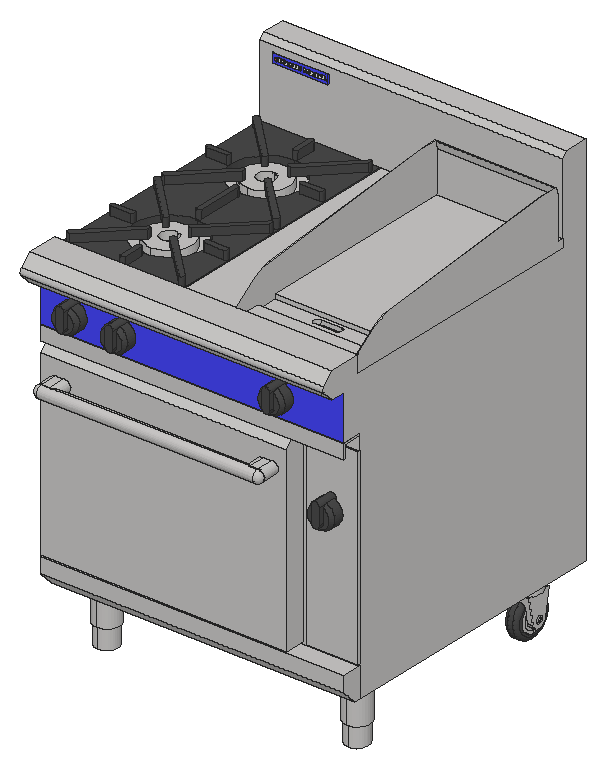
Revit family "QF_MOFFAT_BLUESEAL_CE_G54C", category Specialty Equipment, Revit 2012 (continued)
Automatic sketch dimensions
  curve 16 to curve 10 = 18 mm
  curve 8 to curve 9 = 8 mm
  curve 12 to curve 12 = 8 mm
  curve 10 to curve 11 = 8 mm
  plane 9 to curve 128 = 3.719 mm
  plane 9 to curve 140 = 7.73 mm
  plane 9 to curve 6 = 30 mm
  Extrusion 1 sketch curve to plane 10 "Base Height" = 0 mm
  Extrusion 1 sketch curve to plane 16 = 0 mm
  Extrusion 1 sketch curve to plane 1 "BACK" = 0 mm
  plane 9 to Extrusion 1 sketch curve = 42.5 mm
  Extrusion 1 sketch curve to Extrusion 1 sketch curve = 12.5 mm
  Extrusion 1 sketch curve to plane 5 "FRONT" = 107 mm
  Extrusion 1 sketch curve to plane 5 "FRONT" = 113 mm
  Extrusion 1 sketch curve to Extrusion 1 sketch curve = 50 mm
  Extrusion 1 sketch curve to plane 5 "FRONT" = 28.03 mm
  Extrusion 1 sketch curve to plane 5 "FRONT" = 27.03 mm
  Extrusion 1 sketch curve to plane 5 "FRONT" = 12.032 mm
  Extrusion 1 sketch curve to plane 5 "FRONT" = 3.531 mm  (x2)
  Extrusion 1 sketch curve to Extrusion 1 sketch curve = 135 mm
  Extrusion 1 sketch curve to Extrusion 1 sketch curve = 25 mm
  Extrusion 1 sketch curve to Extrusion 1 sketch curve = 23.499 mm
  Extrusion 1 sketch curve to Extrusion 1 sketch curve = 8.501 mm
  Extrusion 1 sketch curve to plane 16 = 12.5 mm
  plane 12 to Extrusion 2 sketch curve = 0.062 mm
  plane 1 "BACK" to Extrusion 2 sketch curve = 32 mm
  Revolve 3 sketch curve to plane 10 "Base Height" = 0 mm
  Revolve 3 sketch curve to level = 0 mm
  level to Revolve 3 sketch curve = 50 mm
  Revolve 3 sketch curve to plane 5 "FRONT" = 155.25 mm
  Revolve 3 sketch curve to Revolve 3 sketch curve = 4.25 mm
  Revolve 3 sketch curve to Revolve 3 sketch curve = 27.5 mm  (x2)
  Revolve 3 sketch curve to Revolve 3 sketch curve = 55 mm
  Revolve 3 sketch curve to Revolve 3 sketch curve = 0 mm
  plane 9 to Extrusion 4 sketch curve = 29 mm
  Extrusion 4 sketch curve to Extrusion 4 sketch curve = 3 mm  (x3)
  Extrusion 4 sketch curve to plane 9 = 137.5 mm
  Extrusion 4 sketch curve to plane 14 = 37.768 mm
  Extrusion 4 sketch curve to plane 5 "FRONT" = 110 mm  (x2)
  Extrusion 4 sketch curve to plane 11 = 84.2 mm  (x2)
  Extrusion 4 sketch curve to plane 7 "Center Y" = 78 mm
  Extrusion 5 sketch curve to Extrusion 4 = 19.102 mm  (x2)
  Extrusion 5 sketch curve to Extrusion 5 sketch curve = 4.525 mm  (x16)
  Extrusion 5 sketch curve to Extrusion 4 = 27.593 mm
  Extrusion 5 sketch curve to Extrusion 5 sketch curve = 48.456 mm  (x4)
  Extrusion 5 sketch curve to Extrusion 5 sketch curve = 50.976 mm
  Extrusion 5 sketch curve to Extrusion 5 sketch curve = 0 mm  (x4)
  Extrusion 5 sketch curve to Extrusion 4 = 9.156 mm  (x2)
  Extrusion 5 sketch curve to Extrusion 5 sketch curve = 27.39 mm  (x2)
  Extrusion 5 sketch curve to Extrusion 5 sketch curve = 6.4 mm  (x7)
  Extrusion 5 sketch curve to Extrusion 5 sketch curve = 20.658 mm  (x2)
  Extrusion 5 sketch curve to Extrusion 5 sketch curve = 55.923 mm
  Extrusion 5 sketch curve to Extrusion 4 = 5.102 mm  (x3)
  Extrusion 5 sketch curve to Extrusion 5 sketch curve = 128.581 mm  (x2)
  Extrusion 5 sketch curve to Extrusion 4 = 6.102 mm  (x2)
  Extrusion 5 sketch curve to Extrusion 4 = 14.153 mm
  Extrusion 5 sketch curve to Extrusion 5 sketch curve = 12.205 mm  (x2)
  Extrusion 5 sketch curve to Extrusion 4 = 15.153 mm  (x2)
  Extrusion 5 sketch curve to Extrusion 5 sketch curve = 112.454 mm
  Extrusion 5 sketch curve to Extrusion 5 sketch curve = 59.673 mm
  Extrusion 5 sketch curve to Extrusion 5 sketch curve = 17.024 mm  (x2)
  Extrusion 5 sketch curve to Extrusion 4 = 9.908 mm  (x2)
  Extrusion 5 sketch curve to Extrusion 5 sketch curve = 46.847 mm  (x2)
  Extrusion 5 sketch curve to Extrusion 5 sketch curve = 62.169 mm
  Extrusion 5 sketch curve to Extrusion 4 = 36.153 mm  (x2)
  Extrusion 5 sketch curve to Extrusion 4 = 23.4 mm
  Extrusion 5 sketch curve to Extrusion 5 sketch curve = 55.413 mm  (x2)
  Extrusion 5 sketch curve to Extrusion 5 sketch curve = 20.524 mm  (x3)
  Extrusion 5 sketch curve to Extrusion 5 sketch curve = 53.847 mm  (x4)
  Extrusion 5 sketch curve to Extrusion 4 = 58.364 mm
  Revolve 6 sketch curve to plane 10 "Base Height" = 0 mm
  Revolve 6 sketch curve to level = 0 mm
  level to Revolve 6 sketch curve = 50 mm
  Revolve 6 sketch curve to plane 5 "FRONT" = 155.25 mm
  Revolve 6 sketch curve to Revolve 6 sketch curve = 4.25 mm
  Revolve 6 sketch curve to Revolve 6 sketch curve = 27.5 mm  (x2)
  Revolve 6 sketch curve to Revolve 6 sketch curve = 0 mm
  Revolve 6 sketch curve to Revolve 6 sketch curve = 55 mm
  Extrusion 1 to Extrusion 7 sketch curve = 0 mm
  Extrusion 7 sketch curve to Extrusion 1 = 1 mm
  Extrusion 1 to Extrusion 7 sketch curve = 300 mm
  Extrusion 7 sketch curve to Extrusion 7 sketch curve = 150 mm
  plane 12 to Extrusion 8 sketch curve = 5 mm
  Extrusion 8 sketch curve to plane 6 "TOP" = 277.5 mm
  Extrusion 8 sketch curve to plane 12 = 10 mm
  plane 10 "Base Height" to Extrusion 8 sketch curve = 77.5 mm
  Split face 1 sketch curve to Extrusion 7 = 45.037 mm
  Split face 1 sketch curve to Extrusion 7 = 27.576 mm
  Split face 2 sketch curve to Extrusion 7 = 45.037 mm
  Split face 2 sketch curve to Extrusion 7 = 75 mm
  Split face 3 sketch curve to Extrusion 7 = 45.037 mm
  Split face 3 sketch curve to Extrusion 7 = 27.576 mm
  Split face 4 sketch curve to Extrusion 7 = 27.576 mm
  Split face 4 sketch curve to Extrusion 7 = 79.037 mm
  Split face 5 sketch curve to Extrusion 7 = 79.037 mm
  Split face 5 sketch curve to Extrusion 7 = 75 mm
  Split face 6 sketch curve to Extrusion 7 = 27.576 mm
  Split face 6 sketch curve to Extrusion 7 = 79.037 mm
  Split face 7 sketch curve to Extrusion 7 = 27.576 mm
  Split face 7 sketch curve to Extrusion 7 = 113.037 mm
  Split face 8 sketch curve to Extrusion 7 = 113.037 mm
  Split face 8 sketch curve to Extrusion 7 = 75 mm
  Split face 9 sketch curve to Extrusion 7 = 27.576 mm
  Split face 9 sketch curve to Extrusion 7 = 113.037 mm
  Split face 10 sketch curve to Extrusion 7 = 27.576 mm
  Split face 10 sketch curve to Extrusion 7 = 147.037 mm
  Split face 11 sketch curve to Extrusion 7 = 147.037 mm
  Split face 11 sketch curve to Extrusion 7 = 75 mm
  Split face 12 sketch curve to Extrusion 7 = 27.576 mm
  Split face 12 sketch curve to Extrusion 7 = 147.037 mm
  Split face 13 sketch curve to Extrusion 7 = 27.576 mm
  Split face 13 sketch curve to Extrusion 7 = 181.037 mm
  Split face 14 sketch curve to Extrusion 7 = 75 mm
  Split face 14 sketch curve to Extrusion 7 = 181.037 mm
  Split face 15 sketch curve to Extrusion 7 = 27.576 mm
  Split face 15 sketch curve to Extrusion 7 = 181.037 mm
  Split face 16 sketch curve to Extrusion 7 = 27.576 mm
  Split face 16 sketch curve to Extrusion 7 = 215.037 mm
  Split face 17 sketch curve to Extrusion 7 = 75 mm
  Split face 17 sketch curve to Extrusion 7 = 215.037 mm
  Split face 18 sketch curve to Extrusion 7 = 27.576 mm
  Split face 18 sketch curve to Extrusion 7 = 215.037 mm
  Split face 19 sketch curve to Extrusion 7 = 27.576 mm
  Split face 19 sketch curve to Extrusion 7 = 249.037 mm
  Split face 20 sketch curve to Extrusion 7 = 75 mm
  Split face 20 sketch curve to Extrusion 7 = 249.037 mm
  Split face 21 sketch curve to Extrusion 7 = 27.576 mm
  Split face 21 sketch curve to Extrusion 7 = 249.037 mm
  Split face 22 sketch curve to Extrusion 7 = 27.576 mm
  Split face 22 sketch curve to Extrusion 7 = 283.037 mm
  Split face 23 sketch curve to Extrusion 7 = 75 mm
  Split face 23 sketch curve to Extrusion 7 = 283.037 mm
  Split face 24 sketch curve to Extrusion 7 = 27.576 mm
  Split face 24 sketch curve to Extrusion 7 = 283.037 mm
  Split face 25 sketch curve to Extrusion 7 = 27.576 mm
  Split face 25 sketch curve to Extrusion 7 = 316.963 mm
  Split face 26 sketch curve to Extrusion 7 = 75 mm
  Split face 26 sketch curve to Extrusion 7 = 316.963 mm
  Split face 27 sketch curve to Extrusion 7 = 27.576 mm
  Split face 27 sketch curve to Extrusion 7 = 316.963 mm
  Split face 28 sketch curve to Extrusion 7 = 27.576 mm
  Split face 28 sketch curve to Extrusion 7 = 282.963 mm
  Split face 29 sketch curve to Extrusion 7 = 75 mm
  Split face 29 sketch curve to Extrusion 7 = 282.963 mm
  Split face 30 sketch curve to Extrusion 7 = 27.576 mm
  Split face 30 sketch curve to Extrusion 7 = 282.963 mm
  Split face 31 sketch curve to Extrusion 7 = 27.576 mm
  Split face 31 sketch curve to Extrusion 7 = 248.963 mm
  Split face 32 sketch curve to Extrusion 7 = 75 mm
  Split face 32 sketch curve to Extrusion 7 = 248.963 mm
  Split face 33 sketch curve to Extrusion 7 = 27.576 mm
  Split face 33 sketch curve to Extrusion 7 = 248.963 mm
  Split face 34 sketch curve to Extrusion 7 = 27.576 mm
  Split face 34 sketch curve to Extrusion 7 = 214.963 mm
  Split face 35 sketch curve to Extrusion 7 = 75 mm
  Split face 35 sketch curve to Extrusion 7 = 214.963 mm
  Split face 36 sketch curve to Extrusion 7 = 27.576 mm
  Split face 36 sketch curve to Extrusion 7 = 214.963 mm
  Split face 37 sketch curve to Extrusion 7 = 27.576 mm
  Split face 37 sketch curve to Extrusion 7 = 180.963 mm
  Split face 38 sketch curve to Extrusion 7 = 75 mm
  Split face 38 sketch curve to Extrusion 7 = 180.963 mm
  Split face 39 sketch curve to Extrusion 7 = 27.576 mm
  Split face 39 sketch curve to Extrusion 7 = 180.963 mm
  Split face 40 sketch curve to Extrusion 7 = 27.576 mm
  Split face 40 sketch curve to Extrusion 7 = 146.963 mm
  Split face 41 sketch curve to Extrusion 7 = 146.963 mm
  Split face 41 sketch curve to Extrusion 7 = 75 mm
  Split face 42 sketch curve to Extrusion 7 = 27.576 mm
  Split face 42 sketch curve to Extrusion 7 = 146.963 mm
  Split face 43 sketch curve to Extrusion 7 = 27.576 mm
  Split face 43 sketch curve to Extrusion 7 = 112.963 mm
  Split face 44 sketch curve to Extrusion 7 = 112.963 mm
  Split face 44 sketch curve to Extrusion 7 = 75 mm
  Split face 45 sketch curve to Extrusion 7 = 27.576 mm
  Split face 45 sketch curve to Extrusion 7 = 112.963 mm
  Split face 46 sketch curve to Extrusion 7 = 27.576 mm
  Split face 46 sketch curve to Extrusion 7 = 78.963 mm
  Split face 47 sketch curve to Extrusion 7 = 78.963 mm
  Split face 47 sketch curve to Extrusion 7 = 75 mm
  Split face 48 sketch curve to Extrusion 7 = 27.576 mm
  Split face 48 sketch curve to Extrusion 7 = 78.963 mm
  Split face 49 sketch curve to Extrusion 7 = 44.963 mm
  Split face 49 sketch curve to Extrusion 7 = 27.576 mm
  Split face 50 sketch curve to Extrusion 7 = 44.963 mm
  Split face 50 sketch curve to Extrusion 7 = 75 mm
  Split face 51 sketch curve to Extrusion 7 = 44.963 mm
  Split face 51 sketch curve to Extrusion 7 = 27.576 mm
  Revolve 9 sketch curve to plane 5 "FRONT" = 63 mm
  Revolve 9 sketch curve to Revolve 9 sketch curve = 10 mm
  Revolve 9 sketch curve to Revolve 9 sketch curve = 21.3 mm
  Revolve 9 sketch curve to Revolve 9 sketch curve = 23 mm
  Revolve 9 sketch curve to Revolve 9 sketch curve = 12.7 mm
  Revolve 9 sketch curve to Revolve 9 sketch curve = 0 mm  (x2)
  Revolve 9 sketch curve to plane 6 "TOP" = 174 mm
  Revolve 9 sketch curve to Revolve 9 sketch curve = 5 mm
  Revolve 9 sketch curve to Revolve 9 sketch curve = 26.651 mm
  Revolve 9 sketch curve to Revolve 9 sketch curve = 5.849 mm
  Revolve 10 sketch curve to plane 5 "FRONT" = 19 mm
  Revolve 10 sketch curve to Revolve 10 sketch curve = 0 mm  (x2)
  Revolve 10 sketch curve to Revolve 10 sketch curve = 11 mm
  Revolve 10 sketch curve to Revolve 10 sketch curve = 12.7 mm
  Revolve 10 sketch curve to Revolve 10 sketch curve = 23 mm
  Revolve 10 sketch curve to Revolve 10 sketch curve = 10 mm
  Revolve 10 sketch curve to plane 6 "TOP" = 141.732 mm
  Revolve 10 sketch curve to Revolve 10 sketch curve = 5.849 mm
  Revolve 10 sketch curve to Revolve 10 sketch curve = 27.5 mm
  Revolve 10 sketch curve to Revolve 10 sketch curve = 5 mm
  plane 3 "LEFT" to Extrusion 11 sketch curve = 100 mm
  Extrusion 11 sketch curve to Extrusion 11 sketch curve = 10 mm
  Extrusion 11 sketch curve to plane 6 "TOP" = 147.105 mm
  Extrusion 11 sketch curve to Extrusion 11 sketch curve = 39 mm
  Extrusion 12 sketch curve to plane 7 "Center Y" = 153.818 mm
  Extrusion 12 sketch curve to Extrusion 12 sketch curve = 10 mm
  Extrusion 12 sketch curve to plane 6 "TOP" = 147.105 mm
  Extrusion 12 sketch curve to Extrusion 12 sketch curve = 39 mm
  Revolve 13 sketch curve to plane 5 "FRONT" = 19 mm
  Revolve 13 sketch curve to Revolve 13 sketch curve = 0 mm  (x2)
  Revolve 13 sketch curve to Revolve 13 sketch curve = 11 mm
  Revolve 13 sketch curve to Revolve 13 sketch curve = 12.7 mm
  Revolve 13 sketch curve to Revolve 13 sketch curve = 23 mm
  Revolve 13 sketch curve to Revolve 13 sketch curve = 10 mm
  Revolve 13 sketch curve to plane 6 "TOP" = 174.232 mm
  Revolve 13 sketch curve to Revolve 13 sketch curve = 5 mm
  Revolve 13 sketch curve to Revolve 13 sketch curve = 26.651 mm
  Revolve 13 sketch curve to Revolve 13 sketch curve = 5.849 mm
  plane 15 to Extrusion 14 sketch curve = 86.001 mm
  Extrusion 14 sketch curve to Extrusion 14 sketch curve = 10 mm
  Extrusion 14 sketch curve to plane 6 "TOP" = 186.105 mm
  Extrusion 14 sketch curve to Extrusion 14 sketch curve = 39 mm
  Revolve 15 sketch curve to plane 5 "FRONT" = 63.5 mm
  Revolve 15 sketch curve to Revolve 15 sketch curve = 0 mm  (x2)
  Revolve 15 sketch curve to Revolve 15 sketch curve = 11 mm
  Revolve 15 sketch curve to Revolve 15 sketch curve = 12.7 mm
  Revolve 15 sketch curve to Revolve 15 sketch curve = 23 mm
  Revolve 15 sketch curve to Revolve 15 sketch curve = 10 mm
  plane 10 "Base Height" to Revolve 15 sketch curve = 402.134 mm
  Revolve 15 sketch curve to Revolve 15 sketch curve = 5 mm
  Revolve 15 sketch curve to Revolve 15 sketch curve = 26.651 mm
  Revolve 15 sketch curve to Revolve 15 sketch curve = 5.849 mm
  Extrusion 16 sketch curve to plane 15 = 1.529 mm
  Extrusion 16 sketch curve to plane 13 = 2.529 mm
  plane 10 "Base Height" to Extrusion 16 sketch curve = 390.261 mm
  Extrusion 16 sketch curve to Extrusion 16 sketch curve = 39 mm
  Extrusion 17 sketch curve to plane 5 "FRONT" = 63 mm
  plane 10 "Base Height" to Extrusion 17 sketch curve = 77.5 mm
  plane 5 "FRONT" to Extrusion 17 sketch curve = 399.516 mm
  plane 13 to Extrusion 18 sketch curve = 4 mm
  Extrusion 18 sketch curve to plane 12 = 20 mm
  Extrusion 18 sketch curve to plane 12 = 68.5 mm
  Extrusion 18 sketch curve to plane 1 "BACK" = 30.24 mm
  plane 1 "BACK" to Extrusion 18 sketch curve = 38.76 mm
  plane 9 to Extrusion 18 sketch curve = 12.74 mm
  plane 4 "RIGHT" to Extrusion 19 sketch curve = 0 mm
  Extrusion 19 sketch curve to plane 6 "TOP" = 270 mm
  plane 12 to Extrusion 19 sketch curve = 5 mm
  plane 10 "Base Height" to Extrusion 19 sketch curve = 77.5 mm
  Extrusion 20 sketch curve to Extrusion 20 sketch curve = 0 mm  (x4)
  Extrusion 1 to Extrusion 20 sketch curve = 167.5 mm
  Extrusion 20 sketch curve to Extrusion 1 = 167.5 mm
  Extrusion 1 to Extrusion 20 sketch curve = 150 mm  (x2)
  plane 3 "LEFT" to Extrusion 21 sketch curve = 58.528 mm
  Extrusion 21 sketch curve to plane 6 "TOP" = 361.875 mm  (x2)
  Extrusion 21 sketch curve to plane 12 = 67.243 mm
  Extrusion 21 sketch curve to Extrusion 21 sketch curve = 15 mm  (x2)
  Extrusion 21 sketch curve to Extrusion 21 sketch curve = 20.282 mm  (x2)
  Revolve 22 sketch curve to plane 3 "LEFT" = 6.961 mm
  plane 3 "LEFT" to Revolve 22 sketch curve = 23.246 mm
  Revolve 22 sketch curve to Revolve 22 sketch curve = 15 mm
  Revolve 22 sketch curve to plane 12 = 46.961 mm
  Revolve 22 sketch curve to Revolve 22 sketch curve = 0 mm  (x2)
  Revolve 22 sketch curve to plane 6 "TOP" = 346.875 mm
  Extrusion 23 sketch curve to plane 5 "FRONT" = 63 mm
  Extrusion 23 sketch curve to Extrusion 23 sketch curve = 24 mm  (x2)
  Extrusion 23 sketch curve to Extrusion 23 sketch curve = 50 mm
  plane 10 "Base Height" to Extrusion 23 sketch curve = 77.5 mm
  Extrusion 24 sketch curve to plane 5 "FRONT" = 63 mm
  Extrusion 24 sketch curve to Extrusion 24 sketch curve = 3.02 mm
  Extrusion 24 sketch curve to Extrusion 24 sketch curve = 44.98 mm
  Extrusion 24 sketch curve to plane 6 "TOP" = 267 mm
  Extrusion 24 sketch curve to Extrusion 24 sketch curve = 32 mm
  Extrusion 24 sketch curve to Extrusion 24 sketch curve = 3 mm
  Extrusion 25 sketch curve to plane 10 "Base Height" = 0 mm
  Extrusion 25 sketch curve to plane 5 "FRONT" = 63 mm
  Split face 52 sketch curve to cut or joined group of Extrusion 1, Extrusion 8, Extrusion 18, Extrusion 19 = 27.115 mm
  Split face 52 sketch curve to cut or joined group of Extrusion 1, Extrusion 8, Extrusion 18, Extrusion 19 = 273.455 mm
  Split face 52 sketch curve to cut or joined group of Extrusion 1, Extrusion 8, Extrusion 18, Extrusion 19 = 23.385 mm
  Split face 52 sketch curve to Split face 52 sketch curve = 4.041 mm  (x4)
  Split face 52 sketch curve to Split face 52 sketch curve = 8.66 mm  (x2)
  Split face 52 sketch curve to cut or joined group of Extrusion 1, Extrusion 8, Extrusion 18, Extrusion 19 = 22.115 mm
  Split face 52 sketch curve to cut or joined group of Extrusion 1, Extrusion 8, Extrusion 18, Extrusion 19 = 36.836 mm
  Split face 52 sketch curve to Split face 52 sketch curve = 17 mm
  Split face 52 sketch curve to Split face 52 sketch curve = 7 mm  (x2)
  Split face 53 sketch curve to cut or joined group of Extrusion 1, Extrusion 8, Extrusion 18, Extrusion 19 = 26.545 mm
  Split face 53 sketch curve to Split face 53 sketch curve = 4.041 mm  (x4)
  Split face 53 sketch curve to Split face 53 sketch curve = 8.66 mm  (x2)
  Split face 53 sketch curve to cut or joined group of Extrusion 1, Extrusion 8, Extrusion 18, Extrusion 19 = 22.115 mm
  Split face 53 sketch curve to Split face 53 sketch curve = 223.917 mm
  Split face 53 sketch curve to cut or joined group of Extrusion 1, Extrusion 8, Extrusion 18, Extrusion 19 = 17.115 mm
  Split face 53 sketch curve to Split face 53 sketch curve = 10 mm
  Split face 53 sketch curve to Split face 53 sketch curve = 7 mm  (x3)
  Extrusion 27 sketch curve to plane 9 = 0 mm
  Extrusion 27 sketch curve to plane 9 = 19.393 mm
  Extrusion 27 sketch curve to plane 9 = 31.75 mm
  plane 9 to Extrusion 27 sketch curve = 19.393 mm
  plane 9 to Extrusion 27 sketch curve = 31.75 mm
  level to Extrusion 27 sketch curve = 45.111 mm
  Extrusion 27 sketch curve to Extrusion 27 sketch curve = 4.889 mm
  Extrusion 27 sketch curve to plane 10 "Base Height" = 40 mm
  Revolve 28 sketch curve to plane 10 "Base Height" = 0 mm
  Revolve 28 sketch curve to plane 9 = 0 mm  (x2)
  Revolve 28 sketch curve to Revolve 28 sketch curve = 35.75 mm
  Revolve 28 sketch curve to plane 10 "Base Height" = 40 mm
  level to Revolve 28 sketch curve = 50 mm
  Revolve 28 sketch curve to level = 55 mm
  Revolve 29 sketch curve to plane 10 "Base Height" = 0 mm
  Revolve 29 sketch curve to plane 9 = 0 mm  (x2)
  Revolve 29 sketch curve to plane 9 = 35.75 mm
  Revolve 29 sketch curve to plane 10 "Base Height" = 40 mm
  level to Revolve 29 sketch curve = 50 mm
  Revolve 29 sketch curve to level = 55 mm
  plane 15 to Revolve 30 sketch curve = 25.382 mm
  Revolve 30 sketch curve to Revolve 30 sketch curve = 1.27 mm  (x4)
  Revolve 30 sketch curve to Revolve 30 sketch curve = 1.524 mm  (x2)
  plane 15 to Revolve 30 sketch curve = 10.442 mm
  plane 15 to Revolve 30 sketch curve = 7.68 mm
  Revolve 30 sketch curve to Revolve 30 sketch curve = 0.794 mm  (x2)
  Revolve 30 sketch curve to Revolve 30 sketch curve = 3.57 mm
  Revolve 30 sketch curve to Revolve 30 sketch curve = 2.143 mm
  Revolve 30 sketch curve to plane 15 = 2.639 mm
  Revolve 30 sketch curve to plane 13 = 5.13 mm
  Revolve 30 sketch curve to plane 13 = 6.339 mm
  Revolve 30 sketch curve to plane 13 = 14.515 mm
  Revolve 30 sketch curve to Revolve 30 sketch curve = 1.349 mm  (x2)
  Revolve 30 sketch curve to Revolve 30 sketch curve = 3.556 mm
  Revolve 30 sketch curve to Revolve 30 sketch curve = 12.146 mm
  Revolve 30 sketch curve to plane 4 "RIGHT" = 2.68 mm
  level to Revolve 30 sketch curve = 50.8 mm
  Revolve 30 sketch curve to Revolve 30 sketch curve = 0 mm
  Revolve 30 sketch curve to Revolve 30 sketch curve = 3.505 mm  (x2)
  Revolve 30 sketch curve to Revolve 30 sketch curve = 3.447 mm  (x2)
  Revolve 30 sketch curve to Revolve 30 sketch curve = 9.964 mm
  Revolve 30 sketch curve to Revolve 30 sketch curve = 10.045 mm
  Revolve 30 sketch curve to Revolve 30 sketch curve = 2.053 mm
  Revolve 30 sketch curve to Revolve 30 sketch curve = 2.061 mm
  Revolve 30 sketch curve to Revolve 30 sketch curve = 8.247 mm
  Revolve 30 sketch curve to Revolve 30 sketch curve = 8.336 mm
  Revolve 30 sketch curve to Revolve 30 sketch curve = 6.35 mm  (x2)
  Extrusion 31 sketch curve to plane 9 = 0 mm
  Extrusion 31 sketch curve to plane 9 = 19.393 mm
  Extrusion 31 sketch curve to plane 9 = 31.75 mm
  plane 9 to Extrusion 31 sketch curve = 19.393 mm
  plane 9 to Extrusion 31 sketch curve = 31.75 mm
  level to Extrusion 31 sketch curve = 45.111 mm
  Extrusion 31 sketch curve to Extrusion 31 sketch curve = 4.889 mm
  Extrusion 31 sketch curve to plane 10 "Base Height" = 40 mm
  Revolve 32 sketch curve to plane 10 "Base Height" = 0 mm
  Revolve 32 sketch curve to level = 0 mm
  Revolve 32 sketch curve to plane 9 = 0 mm  (x2)
  Revolve 32 sketch curve to Revolve 32 sketch curve = 27.5 mm
  Revolve 32 sketch curve to Revolve 32 sketch curve = 31.75 mm
  Revolve 32 sketch curve to level = 55 mm
  Revolve 32 sketch curve to Revolve 32 sketch curve = 50 mm
  Revolve 32 sketch curve to Revolve 32 sketch curve = 0 mm
  Revolve 33 sketch curve to plane 10 "Base Height" = 0 mm
  Revolve 33 sketch curve to level = 0 mm
  Revolve 33 sketch curve to plane 9 = 0 mm  (x2)
  Revolve 33 sketch curve to Revolve 33 sketch curve = 27.5 mm
  Revolve 33 sketch curve to Revolve 33 sketch curve = 31.75 mm
  level to Revolve 33 sketch curve = 50 mm
  Revolve 33 sketch curve to Revolve 33 sketch curve = 0 mm
  Revolve 33 sketch curve to Revolve 33 sketch curve = 55 mm
  plane 3 "LEFT" to Revolve 34 sketch curve = 99.382 mm
  Revolve 34 sketch curve to Revolve 34 sketch curve = 1.27 mm  (x4)
  Revolve 34 sketch curve to Revolve 34 sketch curve = 1.524 mm  (x2)
  Revolve 34 sketch curve to Revolve 34 sketch curve = 12.146 mm  (x2)
  Revolve 34 sketch curve to Revolve 34 sketch curve = 2.762 mm
  Revolve 34 sketch curve to Revolve 34 sketch curve = 0.794 mm  (x2)
  Revolve 34 sketch curve to Revolve 34 sketch curve = 3.57 mm
  Revolve 34 sketch curve to Revolve 34 sketch curve = 2.143 mm
  Revolve 34 sketch curve to Revolve 34 sketch curve = 9.525 mm
  Revolve 34 sketch curve to Revolve 34 sketch curve = 24.572 mm
  Revolve 34 sketch curve to Revolve 34 sketch curve = 12.7 mm
  Revolve 34 sketch curve to Revolve 34 sketch curve = 8.176 mm
  Revolve 34 sketch curve to Revolve 34 sketch curve = 1.349 mm  (x2)
  Revolve 34 sketch curve to Revolve 34 sketch curve = 3.556 mm
  Revolve 34 sketch curve to plane 3 "LEFT" = 2.68 mm
  Revolve 34 sketch curve to plane 10 "Base Height" = 48.4 mm
  Revolve 34 sketch curve to Revolve 34 sketch curve = 6.35 mm  (x4)
  Revolve 34 sketch curve to Revolve 34 sketch curve = 8.247 mm
  Revolve 34 sketch curve to Revolve 34 sketch curve = 8.336 mm
  Revolve 34 sketch curve to Revolve 34 sketch curve = 2.061 mm
  Revolve 34 sketch curve to Revolve 34 sketch curve = 2.053 mm
  Revolve 34 sketch curve to Revolve 34 sketch curve = 10.045 mm
  Revolve 34 sketch curve to Revolve 34 sketch curve = 9.964 mm
  Revolve 34 sketch curve to Revolve 34 sketch curve = 3.447 mm  (x2)
  Revolve 34 sketch curve to Revolve 34 sketch curve = 3.505 mm
  curve 119 to curve 123 = 0 mm
  curve 120 to curve 123 = 0 mm
  curve 133 to curve 135 = 0 mm  (x2)
  curve 135 to curve 137 = 0 mm
  curve 136 to curve 137 = 0 mm
  plane 4 "RIGHT" to curve 155 = 26.545 mm
  curve 155 to curve 156 = 4.041 mm
  curve 155 to curve 153 = 8.66 mm
  curve 155 to curve 156 = 8.66 mm
  plane 1 "BACK" to curve 152 = 45.385 mm
  plane 7 "Center Y" to curve 152 = 111.836 mm
  curve 152 to curve 149 = 4.041 mm
  plane 1 "BACK" to curve 151 = 40.385 mm
  curve 153 to curve 151 = 8.66 mm
  curve 151 to curve 150 = 4.041 mm
  curve 151 to curve 157 = 28.176 mm
  plane 1 "BACK" to curve 144 = 30.385 mm
  curve 144 to plane 7 "Center Y" = 101.545 mm
  plane 1 "BACK" to curve 143 = 23.385 mm
  curve 143 to curve 143 = 4.041 mm
  curve 143 to curve 144 = 8.66 mm
  curve 143 to curve 142 = 8.66 mm
  plane 3 "LEFT" to curve 137 = 150 mm
  plane 14 to curve 119 = 19.5 mm
  plane 3 "LEFT" to curve 119 = 150 mm
  curve 121 to curve 119 = 0 mm
  plane 3 "LEFT" to curve 146 = 36.836 mm
  curve 146 to curve 141 = 4.041 mm
  curve 145 to curve 147 = 8.66 mm
  curve 147 to curve 148 = 4.041 mm
  curve 156 to curve 154 = 22 mm
  plane 1 "BACK" to curve 141 = 18.385 mm
  curve 149 to curve 152 = 17 mm
  curve 150 to curve 152 = 7 mm
  curve 141 to curve 148 = 10 mm
  curve 156 to curve 154 = 7 mm
  curve 148 to curve 146 = 7 mm
  curve 142 to curve 144 = 7 mm
  plane 9 to curve 157 = 30 mm
  curve 133 to plane 9 = 52.5 mm
  curve 133 to curve 135 = 28 mm
  curve 135 to curve 137 = 35 mm
  curve 137 to curve 133 = 22 mm
  curve 121 to curve 119 = 27.732 mm
  curve 123 to plane 14 = 15.5 mm
  curve 123 to curve 120 = 22 mm
  curve 119 to curve 121 = 0.268 mm
  curve 157 to plane 5 "FRONT" = 107 mm
  Extrusion 23 sketch curve to plane 6 "TOP" = 294 mm
  Extrusion 25 sketch curve to Extrusion 25 sketch curve = 36 mm
  Extrusion 25 sketch curve to Extrusion 25 sketch curve = 14 mm
  plane 10 "Base Height" to Extrusion 25 sketch curve = 36 mm
  Extrusion 25 sketch curve to Extrusion 25 sketch curve = 36.5 mm
  radius of Extrusion 2 sketch curve = 13.5 mm
  radius of Extrusion 4 sketch curve = 85 mm  (x2)
  radius of Split face 1 sketch curve = 8 mm
  radius of Split face 2 sketch curve = 8 mm
  radius of Split face 3 sketch curve = 8 mm
  radius of Split face 4 sketch curve = 8 mm
  radius of Split face 5 sketch curve = 8 mm
  radius of Split face 6 sketch curve = 8 mm
  radius of Split face 7 sketch curve = 8 mm
  radius of Split face 8 sketch curve = 8 mm
  radius of Split face 9 sketch curve = 8 mm
  radius of Split face 10 sketch curve = 8 mm
  radius of Split face 11 sketch curve = 8 mm
  radius of Split face 12 sketch curve = 8 mm
  radius of Split face 13 sketch curve = 8 mm
  radius of Split face 14 sketch curve = 8 mm
  radius of Split face 15 sketch curve = 8 mm
  radius of Split face 16 sketch curve = 8 mm
  radius of Split face 17 sketch curve = 8 mm
  radius of Split face 18 sketch curve = 8 mm
  radius of Split face 19 sketch curve = 8 mm
  radius of Split face 20 sketch curve = 8 mm
  radius of Split face 21 sketch curve = 8 mm
  radius of Split face 22 sketch curve = 8 mm
  radius of Split face 23 sketch curve = 8 mm
  radius of Split face 24 sketch curve = 8 mm
  radius of Split face 25 sketch curve = 8 mm
  radius of Split face 26 sketch curve = 8 mm
  radius of Split face 27 sketch curve = 8 mm
  radius of Split face 28 sketch curve = 8 mm
  radius of Split face 29 sketch curve = 8 mm
  radius of Split face 30 sketch curve = 8 mm
  radius of Split face 31 sketch curve = 8 mm
  radius of Split face 32 sketch curve = 8 mm
  radius of Split face 33 sketch curve = 8 mm
  radius of Split face 34 sketch curve = 8 mm
  radius of Split face 35 sketch curve = 8 mm
  radius of Split face 36 sketch curve = 8 mm
  radius of Split face 37 sketch curve = 8 mm
  radius of Split face 38 sketch curve = 8 mm
  radius of Split face 39 sketch curve = 8 mm
  radius of Split face 40 sketch curve = 8 mm
  radius of Split face 41 sketch curve = 8 mm
  radius of Split face 42 sketch curve = 8 mm
  radius of Split face 43 sketch curve = 8 mm
  radius of Split face 44 sketch curve = 8 mm
  radius of Split face 45 sketch curve = 8 mm
  radius of Split face 46 sketch curve = 8 mm
  radius of Split face 47 sketch curve = 8 mm
  radius of Split face 48 sketch curve = 8 mm
  radius of Split face 49 sketch curve = 8 mm
  radius of Split face 50 sketch curve = 8 mm
  radius of Split face 51 sketch curve = 8 mm
  radius of Extrusion 20 sketch curve = 57 mm  (x2)
  radius of Extrusion 20 sketch curve = 22 mm  (x2)
  radius of Extrusion 26 sketch curve = 6.35 mm
Nested families
  nested 1: "WALDORF LOGO_FACE BASE" at (32, -70, 1056.385) x (1, 0, 0) z (0, -1, 0), visible <- "Show Logo", type "WALDORF LOGO_FACE BASE", detail levels medium+fine
    with Show Logo yes
  nested 2: "GAS GRIDDLE PLATE 300" at (450, -85, 874.5), type "GAS GRIDDLE PLATE 300"
    with Width 300 mm, Type Mark "", Status "", Specification by User "", Revision Code "", Item Number "", Installed By "", Identify Quantity as Lot yes, Furnished By "", Foodservice Equipment Identifier yes, Depth 620 mm
Connectors
  piping at (620.063, -32, 655)
    settings: on Extrusion 2, index 1, connector radius 0.37402", flow factor 0, pipe flow 0 GPM, pressure drop 0.00 psi, fitting loss kfactor 0, connector angle 0.00°, fixture units 0, engagement length 0 mm, flow configuration 1, flow direction 1, fitting loss method 0, system type 7, joint type 0, gender type 0, connector reference index -1, connector utility 0, adjustable connector no, is connector primary yes, fitting loss table "", connector description "GAS CONNECTION"
  electrical at (676, -501, 148.4), driven by "Volts", driven by "Watts"
    settings: on Extrusion 26, index 2, voltage 230 V, apparent load 130 VA, apparent load phase1 0 VA, apparent load phase2 0 VA, apparent load phase3 0 VA, power factor 1, load classification "Other", number of poles 1, system type 30, power factor state 1, is connector primary yes, connector utility no, sub classification motor no, connector description "ELECTRICAL CONNECTION"
Definition of nested family "WALDORF LOGO_FACE BASE"
  Parameters (values of type "WALDORF LOGO_FACE BASE")
    Show Logo [instance] = yes
    Default Elevation = 1219.2 mm
  Reference planes
    plane 1 "Center (Front/Back)": y = 0
    plane 2: z = 0
    plane 3 "Center (Left/Right)": x = 0
  Forms (mm)
    Extrusion 1, solid
      sketch origin (0, 0, 0) x (1, 0, 0) y (0, 1, 0)
        loop
          line (-1219.2, 1219.2) -> (-1219.2, -1219.2) -> (1219.2, -1219.2) -> (1219.2, 1219.2) -> (-1219.2, 1219.2)
      from 0 to -304.8
    Extrusion 2, solid, material "QF_Finishes_Blue", visible <- "Show Logo"
      sketch origin (0, -33.217, 0) x (1, 0, 0) y (0, 1, 0)
        loop
          arc (138, 31.942) -> (137.626, 32.844) -> (136.724, 33.217) r 1.276
          line (136.724, 33.217) -> (1.29, 33.217)
          arc (1.29, 33.217) -> (0.378, 32.839) -> (0, 31.927) r 1.29
          line (0, 31.927) -> (0, 11.507)
          arc (0, 11.507) -> (0.378, 10.595) -> (1.29, 10.217) r 1.29
          line (1.29, 10.217) -> (136.71, 10.217)
          arc (136.71, 10.217) -> (137.622, 10.595) -> (138, 11.507) r 1.29
          line (138, 11.507) -> (138, 31.942)
      from 0 to 1.588
    Extrusion 3, solid, material "QF_Finishes_White", visible <- "Show Logo"
      sketch origin (0, -33.217, 1.588) x (1, 0, 0) y (0, 1, 0)
        loop
          arc (108.946, 25.919) -> (107.613, 25.367) -> (107.061, 24.034) r 1.885
          line (107.061, 24.034) -> (107.061, 17.211) -> (112.704, 17.211) -> (112.704, 19.129) -> (115.546, 19.129) -> (115.546, 17.211) -> (121.584, 17.211) -> (121.584, 24.075)
          arc (121.584, 24.075) -> (121.043, 25.379) -> (119.739, 25.919) r 1.845
          line (119.739, 25.919) -> (108.946, 25.919)
        loop
          line (123.478, 25.919) -> (123.478, 17.163) -> (134.904, 17.163) -> (134.904, 19.129) -> (129.246, 19.129) -> (129.246, 25.919) -> (123.478, 25.919)
        loop
          line (112.704, 21.258) -> (115.546, 21.258) -> (115.546, 22.702)
          arc (115.546, 22.702) -> (115.344, 23.188) -> (114.858, 23.389) r 0.687
          line (114.858, 23.389) -> (113.363, 23.389)
          arc (113.363, 23.389) -> (112.897, 23.196) -> (112.704, 22.73) r 0.658
          line (112.704, 22.73) -> (112.704, 21.258)
        loop
          line (105.071, 25.919) -> (93.771, 25.919) -> (93.771, 17.163) -> (105.071, 17.163) -> (105.071, 19.063) -> (99.535, 19.063) -> (99.535, 20.437) -> (105.071, 20.437) -> (105.071, 22.278) -> (99.535, 22.278) -> (99.535, 23.587) -> (105.071, 23.587) -> (105.071, 25.919)
        loop
          line (91.104, 25.919) -> (79.541, 25.919)
          arc (79.541, 25.919) -> (78.558, 25.513) -> (78.152, 24.53) r 1.389
          line (78.152, 24.53) -> (78.152, 22.08)
          arc (78.152, 22.08) -> (78.558, 21.098) -> (79.541, 20.691) r 1.389
          line (79.541, 20.691) -> (86.346, 20.691) -> (86.346, 18.864) -> (83.266, 18.864) -> (83.266, 19.664) -> (78.152, 19.664) -> (78.152, 18.553)
          arc (78.152, 18.553) -> (78.558, 17.57) -> (79.541, 17.163) r 1.389
          line (79.541, 17.163) -> (91.063, 17.163)
          arc (91.063, 17.163) -> (92.045, 17.57) -> (92.452, 18.553) r 1.389
          line (92.452, 18.553) -> (92.452, 20.691)
          arc (92.452, 20.691) -> (92.045, 21.673) -> (91.063, 22.08) r 1.389
          line (91.063, 22.08) -> (83.266, 22.08) -> (83.266, 23.984) -> (86.346, 23.984) -> (86.346, 22.743) -> (92.452, 22.743) -> (92.452, 24.571)
          arc (92.452, 24.571) -> (92.057, 25.524) -> (91.104, 25.919) r 1.348
        loop
          line (70.705, 25.919) -> (59.405, 25.919) -> (59.405, 17.163) -> (70.705, 17.163) -> (70.705, 19.063) -> (65.169, 19.063) -> (65.169, 20.437) -> (70.705, 20.437) -> (70.705, 22.278) -> (65.169, 22.278) -> (65.169, 23.587) -> (70.705, 23.587) -> (70.705, 25.919)
        loop
          line (57.598, 25.919) -> (51.7, 25.919) -> (51.7, 20.18)
          arc (51.7, 20.18) -> (50.63, 19.11) -> (49.56, 20.18) r 1.07
          line (49.56, 20.18) -> (49.56, 25.919) -> (43.663, 25.919) -> (43.663, 19.049)
          arc (43.663, 19.049) -> (44.215, 17.716) -> (45.548, 17.163) r 1.885
          line (45.548, 17.163) -> (55.71, 17.163)
          arc (55.71, 17.163) -> (57.045, 17.716) -> (57.598, 19.051) r 1.887
          line (57.598, 19.051) -> (57.598, 25.919)
        loop
          line (31.62, 25.919) -> (31.62, 17.163) -> (43.046, 17.163) -> (43.046, 19.129) -> (37.388, 19.129) -> (37.388, 25.919) -> (31.62, 25.919)
        loop
          line (15.969, 25.919) -> (15.969, 17.163) -> (28.693, 17.163)
          arc (28.693, 17.163) -> (29.812, 17.627) -> (30.276, 18.746) r 1.582
          line (30.276, 18.746) -> (30.276, 20.447) -> (29.48, 21.243) -> (30.276, 22.039) -> (30.276, 24.332)
          arc (30.276, 24.332) -> (29.811, 25.454) -> (28.688, 25.919) r 1.587
          line (28.688, 25.919) -> (15.969, 25.919)
        loop
          line (21.449, 24.159) -> (21.449, 22.436) -> (23.862, 22.436)
          arc (23.862, 22.436) -> (24.723, 23.298) -> (23.862, 24.159) r 0.861
          line (23.862, 24.159) -> (21.449, 24.159)
        loop
          line (21.449, 20.244) -> (21.449, 18.522) -> (23.862, 18.522)
          arc (23.862, 18.522) -> (24.723, 19.383) -> (23.862, 20.244) r 0.861
          line (23.862, 20.244) -> (21.449, 20.244)
      from 0 to 0.2
    Extrusion 4, solid, material "QF_Finishes_Blue", visible <- "Show Logo"
      sketch origin (-126.498, -31.09, 1.588) x (1, 0, 0) y (0, 1, 0)
        loop
          line (136.738, 23.522) -> (136.738, 15.1)
          arc (136.738, 15.1) -> (140.756, 19.311) -> (136.738, 23.522) r 4.216
      from 0 to 0.2
    Extrusion 5, solid, material "QF_Finishes_Red", visible <- "Show Logo"
      sketch origin (146.849, -31.09, 1.588) x (-1, 0, 0) y (0, -1, 0)
        loop
          arc (136.738, -23.522) -> (140.756, -19.311) -> (136.738, -15.1) r 4.216
          line (136.738, -15.1) -> (136.738, -23.522)
      from 0 to 0.2
  Lines and regions (mm)
    Split face 1
      outline origin (-90.35, -30.793, 1.588) x (1, 0, 0) y (0, 1, 0)
        loop
          circle (100.54, 19.013) r 4.536
  Dimensions and locks
    aligned and locked: plane 2 to Extrusion 1
    aligned and locked: level to Extrusion 1
Definition of nested family "GAS GRIDDLE PLATE 300"
  Parameters (values of type "GAS GRIDDLE PLATE 300")
    Width [instance] = 300 mm
    Weight in Pounds = 0
    URL Cutsheet = ""
    Type Mark [instance] = ""
    Status [instance] = ""
    Specification by User [instance] = ""
    Specification by Manufacturer = ""
    Serial Number = ""
    Seismic Rating = ""
    SMACNA No = ""
    Revision Code [instance] = ""
    Omniclass Number and Title = ""
    NAFEM Spec ID Number = ""
    Masterspec = ""
    Item Number [instance] = ""
    Installed By [instance] = ""
    Identify Quantity as Lot [instance] = yes
    Furnished By [instance] = ""
    Foodservice Equipment Identifier [instance] = yes
    Depth [instance] = 620 mm
    CSI MasterFormat = ""
    CSI Master Format = ""
  Reference planes
    plane 1 "BACK": y = 0
    plane 2: z = 0
    plane 3 "LEFT": x = 0
    plane 4 "RIGHT": x = 300
    plane 5 "FRONT": y = -620
    plane 6 "TOP": z = 142.5
    plane 7 "Center Y": x = 150
    plane 8 "Center X": y = -310
    plane 9: y = -530.997
    plane 10: y = -541.497
    plane 11: y = -503.25
    plane 12: y = -557.737
  Forms (mm)
    Extrusion 1, solid, material "QF_Finishes_Stainless Steel"
      sketch origin (0, 70.003, -874.5) x (0, 1, 0) y (0, 0, 1)
        loop
          line (-70, 875) -> (-70, 997.489) -> (-75.228, 1017) -> (-117.24, 1017) -> (-589.533, 971.523)
          arc (-589.533, 971.523) -> (-614.56, 965.803) -> (-637.306, 953.899) r 100
          line (-637.306, 953.899) -> (-690.003, 917) -> (-690.003, 875) -> (-70, 875)
      from 0 to 1.8
    Extrusion 2, solid, material "QF_Finishes_Stainless Steel"
      sketch origin (600, 70.003, -874.5) x (0, -1, 0) y (0, 0, 1)
        loop
          line (70, 875) -> (690.003, 875) -> (690.003, 917) -> (637.306, 953.899)
          arc (637.306, 953.899) -> (614.56, 965.803) -> (589.533, 971.523) r 100
          line (589.533, 971.523) -> (117.24, 1017) -> (75.228, 1017) -> (70, 997.489) -> (70, 875)
      from 300 to 301.2
    Extrusion 3, solid, material "QF_Finishes_Stainless Steel"
      sketch origin (150, 70.003, -874.5) x (0, 1, 0) y (0, 0, 1)
        loop
          line (-55, 895) -> (-573.253, 895) -> (-573.253, 884.5) -> (-627.74, 884.5) -> (-627.74, 895) -> (-690.003, 895) -> (-690.003, 875) -> (-55, 875) -> (-55, 895)
      from -148.2 to 150
    Extrusion 4, void
      sketch origin (150, -541.497, 10) x (0, -1, 0) y (1, 0, 0)
        loop
          arc (-7.497, 25) -> (-17.497, 35) -> (-27.497, 25) r 10
          line (-27.497, 25) -> (-27.497, -25)
          arc (-27.497, -25) -> (-17.497, -35) -> (-7.497, -25) r 10
          line (-7.497, -25) -> (-7.497, 25)
      from -41.4 to 40.142
    Extrusion 5, solid, material "QF_Finishes_Stainless Steel"
      sketch origin (0, 70.003, -874.5) x (0, 1, 0) y (0, 0, 1)
        loop
          line (-70, 875) -> (-70, 997.489) -> (-75.228, 1017) -> (-76.884, 1017) -> (-71.6, 997.278) -> (-71.6, 875) -> (-70, 875)
      from 0 to 298.8
  Cuts and joins
    Extrusion 4 cuts Extrusion 3
    joined: Extrusion 1, Extrusion 2, Extrusion 3
  Lines and regions (mm)
    symbolic lines
      curve 1: line (300, -503.25, 0) -> (0, -503.25, 0)
      curve 2: line (0, -557.737, 0) -> (300, -557.737, 0)
      curve 3: line (0, -1.68, 0) -> (300, -1.68, 0)
      curve 4: line (300, -1.68, 0) -> (300, -620, 0)
      curve 5: line (0, -620, 0) -> (0, -1.68, 0)
      curve 6: line (0, -620, 0) -> (300, -620, 0)
      curve 7: arc (175, -534, 0) -> (185, -524, 0) -> (175, -514, 0) r 10
      curve 8: line (175, -514, 0) -> (125, -514, 0)
      curve 9: arc (125, -514, 0) -> (115, -524, 0) -> (125, -534, 0) r 10
      curve 10: line (125, -534, 0) -> (175, -534, 0)
  Dimensions and locks
    equal spacing: plane 3 "LEFT", plane 7 "Center Y", plane 4 "RIGHT"
    "Width": plane 3 "LEFT" to plane 4 "RIGHT"
    equal spacing: plane 5 "FRONT", plane 8 "Center X", plane 1 "BACK"
    "Depth": plane 5 "FRONT" to plane 1 "BACK"
    locked: Extrusion 2 to Extrusion 2 at 1.2
    equal spacing: Extrusion 4 sketch curve, plane 7 "Center Y", Extrusion 4 sketch curve, locked at 35 each
    aligned and locked: level to plane 2
    aligned and locked: Extrusion 2 to plane 4 "RIGHT"
    aligned and locked: curve 1 to plane 11
    aligned and locked: plane 12 to curve 2
    aligned and locked: Extrusion 5 to cut or joined group of Extrusion 1, Extrusion 2, Extrusion 3, Extrusion 4
  Automatic sketch dimensions
    Extrusion 1 sketch curve to plane 5 "FRONT" = 0 mm
    Extrusion 1 sketch curve to plane 6 "TOP" = 0 mm
    plane 12 to Extrusion 1 sketch curve = 9.566 mm
    plane 11 to Extrusion 1 sketch curve = 16.28 mm
    Extrusion 1 sketch curve to level = 2.516 mm
    plane 11 to Extrusion 1 sketch curve = 6.695 mm
    plane 1 "BACK" to Extrusion 1 sketch curve = 47.237 mm
    plane 1 "BACK" to Extrusion 1 sketch curve = 5.225 mm
    Extrusion 1 sketch curve to plane 1 "BACK" = 0.003 mm
    level to Extrusion 1 sketch curve = 0.5 mm
    Extrusion 1 sketch curve to Extrusion 1 sketch curve = 42 mm
    Extrusion 1 sketch curve to plane 6 "TOP" = 63.101 mm
    Extrusion 1 sketch curve to plane 6 "TOP" = 19.511 mm
    Extrusion 2 sketch curve to plane 6 "TOP" = 0 mm
    Extrusion 2 sketch curve to plane 5 "FRONT" = 0 mm
    plane 12 to Extrusion 2 sketch curve = 9.566 mm
    plane 11 to Extrusion 2 sketch curve = 16.28 mm
    Extrusion 2 sketch curve to level = 2.516 mm
    plane 11 to Extrusion 2 sketch curve = 6.695 mm
    plane 1 "BACK" to Extrusion 2 sketch curve = 47.237 mm
    plane 1 "BACK" to Extrusion 2 sketch curve = 5.225 mm
    Extrusion 2 sketch curve to plane 1 "BACK" = 0.003 mm
    level to Extrusion 2 sketch curve = 0.5 mm
    Extrusion 2 sketch curve to Extrusion 2 sketch curve = 42 mm
    Extrusion 2 sketch curve to plane 6 "TOP" = 63.101 mm
    Extrusion 2 sketch curve to plane 6 "TOP" = 19.511 mm
    Extrusion 3 sketch curve to plane 5 "FRONT" = 0 mm
    Extrusion 3 sketch curve to plane 12 = 0 mm
    Extrusion 3 sketch curve to plane 11 = 0 mm
    Extrusion 3 sketch curve to plane 1 "BACK" = 15.003 mm
    level to Extrusion 3 sketch curve = 0.5 mm
    level to Extrusion 3 sketch curve = 10 mm
    Extrusion 3 sketch curve to Extrusion 3 sketch curve = 10.5 mm  (x2)
    plane 11 to Extrusion 4 sketch curve = 10.75 mm
    Extrusion 4 sketch curve to Extrusion 4 sketch curve = 10 mm
    Extrusion 4 sketch curve to plane 7 "Center Y" = 25 mm
    plane 1 "BACK" to Extrusion 5 sketch curve = 5.225 mm
    Extrusion 5 sketch curve to plane 1 "BACK" = 0.003 mm
    Extrusion 5 sketch curve to plane 6 "TOP" = 19.511 mm
    Extrusion 5 sketch curve to Extrusion 5 sketch curve = 1.6 mm
    Extrusion 5 sketch curve to Extrusion 5 sketch curve = 0.211 mm
    Extrusion 5 sketch curve to plane 6 "TOP" = 0 mm
    Extrusion 5 sketch curve to Extrusion 5 sketch curve = 1.656 mm
    level to Extrusion 5 sketch curve = 0.5 mm
    curve 6 to plane 3 "LEFT" = 0 mm
    curve 4 to plane 4 "RIGHT" = 0 mm
    plane 5 "FRONT" to curve 6 = 0 mm
    plane 11 to curve 8 = 10.75 mm
    curve 8 to plane 7 "Center Y" = 25 mm
    plane 7 "Center Y" to curve 7 = 25 mm
    curve 10 to curve 7 = 20 mm
    plane 1 "BACK" to curve 3 = 1.68 mm
